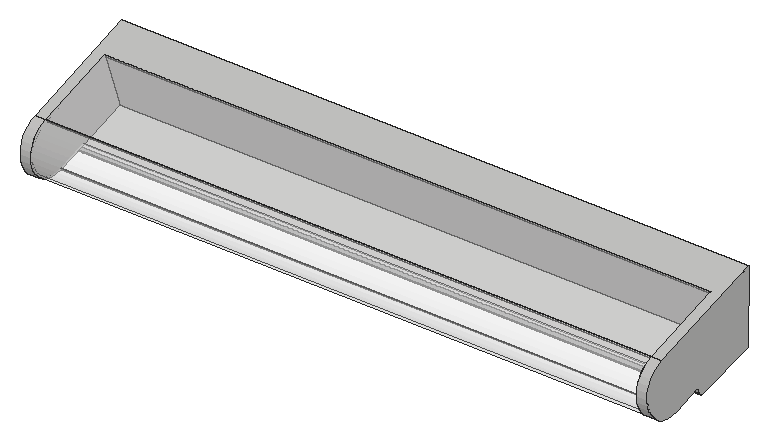
Revit family "Gaius Lamp", category Lighting Fixtures, Revit 2012
Parameters (values of type "6110")
  Width = 600 mm
  Wattage = 9.2903 W
  built-in parameter 1150110 = 1 (stored number, unit not read)
  URL = "www.korpinen.com"
  built-in parameter 1114217 = 1 (stored number, unit not read)
  built-in parameter 1150109 = 1 (stored number, unit not read)
  built-in parameter 1150134 = 10
  built-in parameter 1150113 = 1 (stored number, unit not read)
  Model = "6110 Gaius Lamp"
  Material Shade = Glass - White, Frosted
  Material = Paint White
  Manufacturer = "Korpinen Oy"
  Lumens = 1380 lm
  built-in parameter 1150115 = 1 (stored number, unit not read)
  built-in parameter 1150105 = 109.82 (stored number, unit not read)
  Light Source Symbol Size = 30 mm
  built-in parameter 1150137 = (empty or 0)
  built-in parameter 1150139 = (empty or 0)
  built-in parameter 1150112 = 1 (stored number, unit not read)
  built-in parameter 1150114 = 1 (stored number, unit not read)
  built-in parameter 1150132 = 2
  built-in parameter 1150102 = (empty or 0)
  built-in parameter 1150138 = (empty or 0)
  built-in parameter 1150107 = 6430 (stored number, unit not read)
  built-in parameter 1150106 = 1.0982 (stored number, unit not read)
  Height [instance] = 1900 mm
  HHH = yes
  Emit from Line Length = Width - 60 mm  # 540 mm
  built-in parameter 1150104 = 13.8 (stored number, unit not read)
  Dimming Lamp Color Temperature Shift = <None>
  Color Filter = 16777215
  built-in parameter 1114218 = 1 (stored number, unit not read)
  built-in parameter 1150133 = 10 (stored number, unit not read)
Types (3, lengths in mm): name | Width | Model | Emit from Line Length
  (no name) | 600 | "6110 Gaius Lamp" | 540
  6110 | 600 | "6110 Gaius Lamp" | 540
  6112 | 900 | "6112 Gaius Lamp" | 840
Reference planes
  plane 1 "Light Source Axis (F/B)": y = 0
  plane 2: z = 0
  plane 3 "Light Source Axis (L/R)": x = 0
  plane 4 "Light Source Elevation": z = 1837.5
  plane 5: x = -300
  plane 6: x = 300
  plane 7: y = 83
  plane 8: z = 1900
Forms (mm)
  Extrusion 1, solid, material "Paint White" <- "Material"
    sketch origin (0, 20, -7.5) x (0, 1, 0) y (0, 0, 1)
      loop
        line (63, 1837.5) -> (63, 1907.5) -> (-40.467, 1871.143)
        arc (-40.467, 1871.143) -> (-56.989, 1836.718) -> (-22.565, 1820.196) r 27
        line (-22.565, 1820.196) -> (2.908, 1829.147) -> (4.944, 1823.355)
        arc (4.944, 1823.355) -> (6.182, 1821.932) -> (8.059, 1821.746) r 2.556
        line (8.059, 1821.746) -> (63, 1837.5)
    from 290 to 300
  Extrusion 2, solid, material "Glass - White, Frosted" <- "Material Shade", visible <- "HHH"
    sketch origin (0, 20, -7.5) x (0, 1, 0) y (0, 0, 1)
      loop
        line (30.032, 1895.915) -> (-40.467, 1871.143)
        arc (-40.467, 1871.143) -> (-56.989, 1836.718) -> (-22.565, 1820.196) r 27
        line (-22.565, 1820.196) -> (4.795, 1829.81) -> (4.132, 1831.697) -> (-23.228, 1822.083)
        arc (-23.228, 1822.083) -> (-55.102, 1837.381) -> (-39.804, 1869.256) r 25
        line (-39.804, 1869.256) -> (30.695, 1894.028) -> (30.032, 1895.915)
    from -290 to 290
  Extrusion 3, solid, material "Paint White" <- "Material"
    sketch origin (-890, 20, -7.5) x (0, 1, 0) y (0, 0, 1)
      loop
        line (63, 1837.5) -> (63, 1907.5) -> (-40.467, 1871.143)
        arc (-40.467, 1871.143) -> (-56.989, 1836.718) -> (-22.565, 1820.196) r 27
        line (-22.565, 1820.196) -> (2.908, 1829.147) -> (4.944, 1823.355)
        arc (4.944, 1823.355) -> (6.182, 1821.932) -> (8.059, 1821.746) r 2.556
        line (8.059, 1821.746) -> (63, 1837.5)
    from 590 to 600
  Extrusion 4, solid, material "Paint White" <- "Material"
    sketch origin (0, 0, 0) x (0, 1, 0) y (0, 0, 1)
      loop
        line (83, 1900) -> (50.12, 1888.446) -> (68.022, 1837.5) -> (22.908, 1821.647) -> (24.944, 1815.855)
        arc (24.944, 1815.855) -> (26.182, 1814.432) -> (28.059, 1814.246) r 2.556
        line (28.059, 1814.246) -> (83, 1830) -> (83, 1900)
    from -290 to 290
Cuts and joins
  joined: Extrusion 1, Extrusion 3, Extrusion 4
Lines and regions (mm)
  symbolic lines, style "Above Cutting Plane", detail levels fine
    curve 1: line (-300, -37, 0) -> (300, -37, 0)
    curve 2: line (-300, 83, 0) -> (-300, -37, 0)
    curve 3: line (300, 83, 0) -> (300, -37, 0)
  model lines, style "InvisibleLines"
    curve 4: line (300, 83, 0) -> (-300, 83, 0)
Dimensions and locks
  "Width": plane 6 to plane 5
  equal spacing: plane 6, plane 3 "Light Source Axis (L/R)", plane 5
  locked: Extrusion 2 to plane 5 at 10
  locked: plane 6 to Extrusion 2 at 10
  locked: plane 5 to cut or joined group of Extrusion 1, Extrusion 3, Extrusion 4 at 10
  locked: cut or joined group of Extrusion 1, Extrusion 3, Extrusion 4 to plane 6 at 10
  "Height": plane 8 to level
  locked: plane 8 to plane 4 "Light Source Elevation" at 62.5
  aligned and locked: plane 3 "Light Source Axis (L/R)" to imposter light
  aligned and locked: imposter light to plane 1 "Light Source Axis (F/B)"
  aligned and locked: plane 4 "Light Source Elevation" to imposter light
  aligned and locked: level to plane 2
  aligned and locked: plane 6 to Extrusion 1
  aligned and locked: curve 3 to plane 6
  aligned and locked: curve 4 to plane 7
  aligned and locked: Extrusion 3 to Extrusion 4 sketch curve
  aligned and locked: Extrusion 3 to Extrusion 2
  aligned and locked: Extrusion 4 to Extrusion 2
  aligned and locked: Extrusion 1 to Extrusion 2
  aligned and locked: Extrusion 4 to Extrusion 1
  aligned and locked: plane 6 to cut or joined group of Extrusion 1, Extrusion 3, Extrusion 4
  aligned and locked: curve 2 to plane 5
  aligned and locked: cut or joined group of Extrusion 1, Extrusion 3, Extrusion 4 to plane 5
Automatic sketch dimensions
  plane 1 "Light Source Axis (F/B)" to curve 1 = 37 mm
  Extrusion 1 sketch curve to plane 7 = 0 mm
  Extrusion 1 sketch curve to plane 1 "Light Source Axis (F/B)" = 28.059 mm
  Extrusion 1 sketch curve to Extrusion 1 sketch curve = 0.704 mm
  Extrusion 1 sketch curve to Extrusion 1 sketch curve = 2.411 mm
  plane 4 "Light Source Elevation" to Extrusion 1 sketch curve = 15.853 mm
  Extrusion 1 sketch curve to Extrusion 1 sketch curve = 2.035 mm
  plane 1 "Light Source Axis (F/B)" to Extrusion 1 sketch curve = 2.565 mm
  Extrusion 1 sketch curve to plane 4 "Light Source Elevation" = 0.669 mm
  plane 1 "Light Source Axis (F/B)" to Extrusion 1 sketch curve = 11.516 mm
  plane 1 "Light Source Axis (F/B)" to Extrusion 1 sketch curve = 20.467 mm
  Extrusion 1 sketch curve to Extrusion 1 sketch curve = 4.945 mm
  Extrusion 1 sketch curve to Extrusion 1 sketch curve = 0.847 mm
  plane 4 "Light Source Elevation" to Extrusion 1 sketch curve = 7.5 mm
  Extrusion 1 sketch curve to plane 4 "Light Source Elevation" = 62.5 mm
  Extrusion 2 sketch curve to Extrusion 2 sketch curve = 0 mm  (x2)
  plane 1 "Light Source Axis (F/B)" to Extrusion 2 sketch curve = 20.467 mm
  Extrusion 2 sketch curve to Extrusion 2 sketch curve = 0.663 mm  (x4)
  Extrusion 2 sketch curve to plane 4 "Light Source Elevation" = 0.669 mm
  plane 1 "Light Source Axis (F/B)" to Extrusion 2 sketch curve = 11.516 mm
  plane 1 "Light Source Axis (F/B)" to Extrusion 2 sketch curve = 3.228 mm
  plane 4 "Light Source Elevation" to Extrusion 2 sketch curve = 13.303 mm
  Extrusion 2 sketch curve to plane 1 "Light Source Axis (F/B)" = 24.132 mm
  plane 4 "Light Source Elevation" to Extrusion 2 sketch curve = 15.19 mm
  Extrusion 2 sketch curve to plane 7 = 32.968 mm
  Extrusion 3 sketch curve to plane 7 = 0 mm
  Extrusion 3 sketch curve to plane 1 "Light Source Axis (F/B)" = 28.059 mm
  Extrusion 3 sketch curve to Extrusion 3 sketch curve = 0.704 mm
  Extrusion 3 sketch curve to Extrusion 3 sketch curve = 2.411 mm
  plane 4 "Light Source Elevation" to Extrusion 3 sketch curve = 15.853 mm
  Extrusion 3 sketch curve to Extrusion 3 sketch curve = 2.035 mm
  plane 1 "Light Source Axis (F/B)" to Extrusion 3 sketch curve = 2.565 mm
  Extrusion 3 sketch curve to plane 4 "Light Source Elevation" = 0.669 mm
  plane 1 "Light Source Axis (F/B)" to Extrusion 3 sketch curve = 11.516 mm
  plane 1 "Light Source Axis (F/B)" to Extrusion 3 sketch curve = 20.467 mm
  Extrusion 3 sketch curve to Extrusion 3 sketch curve = 4.945 mm
  Extrusion 3 sketch curve to Extrusion 3 sketch curve = 0.847 mm
  plane 4 "Light Source Elevation" to Extrusion 3 sketch curve = 7.5 mm
  Extrusion 3 sketch curve to plane 4 "Light Source Elevation" = 62.5 mm
  plane 4 "Light Source Elevation" to Extrusion 4 sketch curve = 0 mm
  Extrusion 4 sketch curve to plane 7 = 0 mm
  Extrusion 4 sketch curve to Extrusion 4 sketch curve = 0.704 mm
  Extrusion 4 sketch curve to Extrusion 4 sketch curve = 2.411 mm
  Extrusion 4 sketch curve to Extrusion 4 sketch curve = 2.035 mm
  plane 4 "Light Source Elevation" to Extrusion 4 sketch curve = 7.5 mm
  plane 4 "Light Source Elevation" to Extrusion 4 sketch curve = 15.853 mm
  Extrusion 4 sketch curve to Extrusion 4 sketch curve = 0.847 mm
  Extrusion 4 sketch curve to Extrusion 4 sketch curve = 11.554 mm
